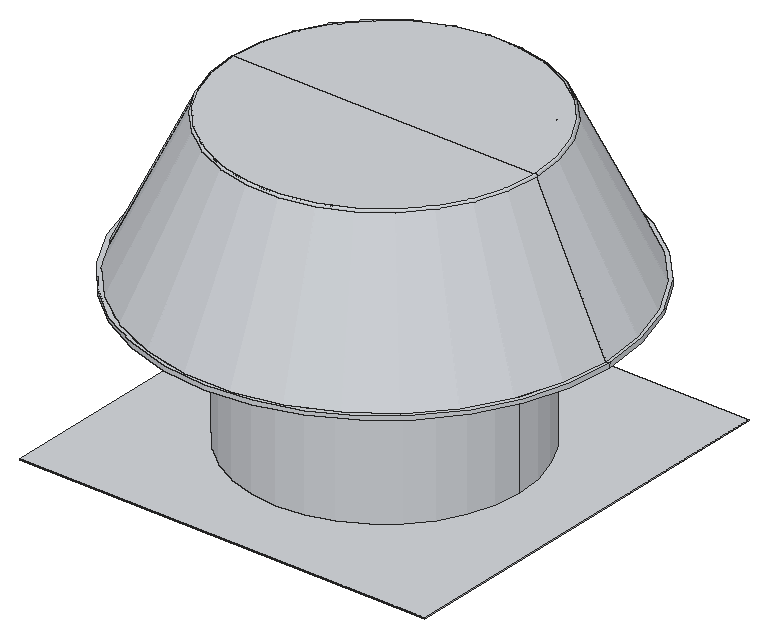
Revit family "GC-F", category Mechanical Equipment, Revit 2015
Parameters
  URL = "https://unitedenertech.com/catalog/pdf/B_10%20Gravity%20Cap%20(GC-C,%20GC-F).pdf"
  Type Comments = "See Chart on Submittal for Sizing"
  Radius 2 [instance] = Radius + 0' 0 13/256"  # 0' - 8 13/256"
  Radius [instance] = E / 2  # 0' - 8"
  Model = "GC-F"
  Manufacturer = "United Enertech Corporation"
  F = 1' - 5 1/4"
  E = 1' - 4"
  Description = "Gravity Roof Cap"
  D = 0' - 8 1/2"
  B = 2' - 0"
  A = 2' - 2 1/4"
Reference planes (in)
  plane 1 "Center (Front/Back)": y = 0
  plane 2: z = 0
  plane 3 "Center (Left/Right)": x = 0
  plane 4: x = -12
  plane 5: y = 12
  plane 6: y = -12
  plane 7: x = 12
  plane 8: x = -8
  plane 9: x = 8
  plane 10: y = -13.125
  plane 11: y = 13.125
  plane 12: z = 0.05
  plane 13: z = 8.55
  plane 14: z = 17.3
  plane 15: z = 17.25
  plane 16: z = 17
  plane 17: x = 9
  plane 18: x = -9
  plane 19: z = 9.55
  plane 20: x = -13.125
  plane 21: x = 13.125
Forms (in)
  Extrusion 1, solid
    sketch origin (0, 0, 0) x (1, 0, 0) y (0, 1, 0)
      loop
        line (-12, -12) -> (12, -12) -> (12, 12) -> (-12, 12) -> (-12, -12)
      loop
        circle (0, 0) r 8
    from 0 to 0.05
  Extrusion 2, solid
    sketch origin (0, 0, 0) x (1, 0, 0) y (0, 1, 0)
      loop
        circle (0, 0) r 8
      loop
        circle (0, 0) r 8.05078
    from 0.05 to 9.55
  Extrusion 3, solid, material "Aluminum"
    sketch origin (0, 0, 0) x (1, 0, 0) y (0, 1, 0)
      loop
        circle (0, 0) r 8.05078
      loop
        circle (0, 0) r 8
    from 9.55 to 17
  Revolve 4, solid
    sketch origin (0, 0, 0) x (1, 0, 0) y (0, 0, 1)
      loop
        line (0, 17.25) -> (9, 17.25) -> (13.125, 8.55) -> (13.375, 8.55) -> (13.375, 8.8) -> (13.14388, 8.8) -> (9.05883, 17.19103)
        arc (9.05883, 17.19103) -> (9.01739, 17.26889) -> (8.93486, 17.3) r 0.125
        line (8.93486, 17.3) -> (0, 17.3) -> (0, 17.25)
      axis (0, 8.55) -> (0, 17.3)
    angle from 0 to 360
Dimensions and locks (in)
  equal spacing: plane 4, plane 3 "Center (Left/Right)", plane 7
  "B": plane 4 to plane 7
  equal spacing: plane 5, plane 1 "Center (Front/Back)", plane 6
  "B": plane 5 to plane 6
  equal spacing: plane 8, plane 3 "Center (Left/Right)", plane 9
  "E": plane 8 to plane 9
  equal spacing: plane 10, plane 1 "Center (Front/Back)", plane 11
  "A": plane 10 to plane 11
  locked: plane 12 to level at 0.05
  "D": plane 13 to plane 12
  "F": plane 14 to plane 12
  locked: plane 14 to plane 15 at 0.05
  locked: plane 15 to plane 16 at 0.25
  locked: plane 18 to plane 8 at 1
  locked: plane 9 to plane 17 at 1
  locked: plane 19 to plane 13 at 1
  equal spacing: plane 20, plane 3 "Center (Left/Right)", plane 21
  "A": plane 20 to plane 21
  "Radius": radius of Extrusion 1 sketch curve
  "Radius 2": radius of Extrusion 2 sketch curve
  "Radius": radius of Extrusion 2 sketch curve
  "Radius": radius of Extrusion 3 sketch curve
  "Radius 2": radius of Extrusion 3 sketch curve
  aligned and locked: level to plane 2
  aligned and locked: plane 5 to Extrusion 1 sketch curve
  aligned and locked: Extrusion 1 sketch curve to plane 6
  aligned and locked: Extrusion 1 sketch curve to plane 7
  aligned and locked: plane 4 to Extrusion 1 sketch curve
  aligned and locked: Extrusion 1 to level
  aligned and locked: plane 12 to Extrusion 1
  aligned and locked: Extrusion 2 to plane 12
  aligned and locked: plane 16 to Extrusion 3
  aligned and locked: Extrusion 3 to plane 19
  aligned and locked: Extrusion 2 to Extrusion 3
  aligned and locked: plane 3 "Center (Left/Right)" to Revolve 4 sketch curve
  aligned and locked: plane 17 to Revolve 4 sketch curve
  aligned and locked: plane 13 to Revolve 4 sketch curve
  aligned and locked: plane 21 to Revolve 4 sketch curve
Automatic sketch dimensions
  Revolve 4 sketch curve to plane 3 "Center (Left/Right)" = 0' - 0"
  Revolve 4 sketch curve to plane 14 = 0' - 0"
  Revolve 4 sketch curve to plane 15 = 0' - 0"
  plane 17 to Revolve 4 sketch curve = 0' - 0.06514"
  Revolve 4 sketch curve to plane 21 = 0' - 0.01888"
  Revolve 4 sketch curve to plane 21 = 0' - 0 1/4"
  plane 13 to Revolve 4 sketch curve = 0' - 0 1/4"
  Revolve 4 sketch curve to plane 15 = 0' - 0.075"
  Revolve 4 sketch curve to plane 17 = 0' - 0.05883"
  plane 19 to Revolve 4 sketch curve = 0' - 3 1/4"
  Revolve 4 sketch curve to Revolve 4 sketch curve = 0' - 3.71023"
  plane 1 "Center (Front/Back)" to Extrusion 1 sketch curve = 0' - 0"
  Extrusion 1 sketch curve to plane 3 "Center (Left/Right)" = 0' - 0"
  Extrusion 2 sketch curve to Extrusion 2 sketch curve = 0' - 0"  (x2)
  plane 1 "Center (Front/Back)" to Extrusion 2 sketch curve = 0' - 0"
  Extrusion 2 sketch curve to plane 3 "Center (Left/Right)" = 0' - 0"
  Extrusion 3 sketch curve to Extrusion 3 sketch curve = 0' - 0"  (x2)
  plane 1 "Center (Front/Back)" to Extrusion 3 sketch curve = 0' - 0"
  Extrusion 3 sketch curve to plane 3 "Center (Left/Right)" = 0' - 0"
